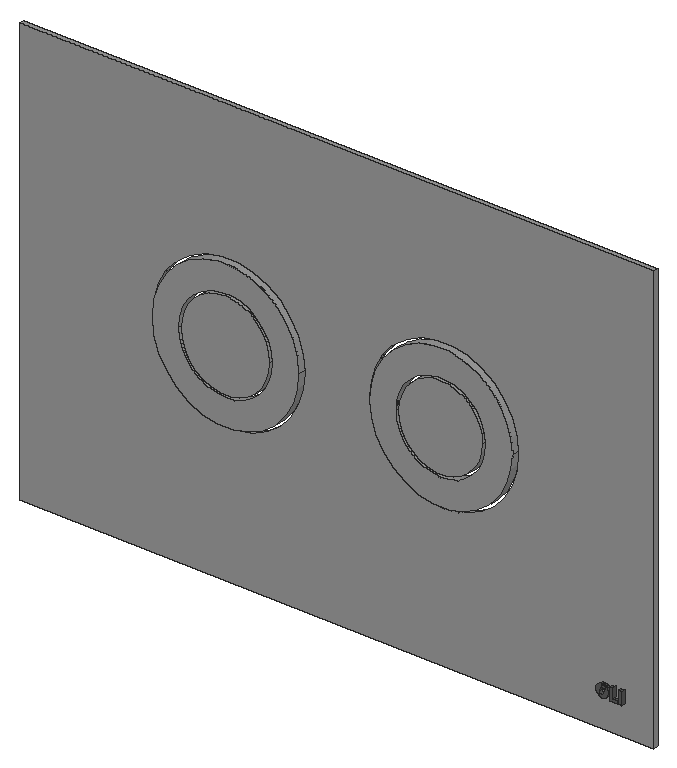
Revit family "OLI_TREND_215x145x2", category Plumbing Fixtures, Revit 2016
Family settings
  Part Type = Normal
  Round Connector Dimension = Use Diameter
  OmniClass Number = 23.45.00.00
  OmniClass Title = Sanitary, Laundry, and Cleaning Equipment
  Work Plane-Based = Yes
  Always vertical = Yes
  Cut with Voids When Loaded = No
  Shared = No
  Room Calculation Point = No
Parameters (values of type "OLI_Pneumatic_Brushed Stainless Steel")
  aux [instance] = if(FRAME_OLI, 0.0 mm, 1000.0 mm)  # 1000.0 mm
  VERTICAL = yes
  URL = "http://www.oli-world.com/en/"
  Telefone = "(+351) 234 300 200"  # constant formula
  Support email = "bimsupport@oli-world.com"
  Revision = "2.0PT"  # constant formula
  Product data url = "http://bimobject.com/pt/oli/product/656506"
  Model = CONTROL_Model  # "Trend "
  Manufacturer = CONTROL_Brand  # "OLI"
  HORIZONTAL = no
  Fax = "(+351) 234 300 210"  # constant formula
  FRAME_OLI [instance] = no
  Description = CONTROL_Brief description  # "Dictating the rules of style"
  Default Elevation = 1219.2 mm
  CONTROL_address = "Travessa de Milão, Esgueira 3800-314 Aveiro, Portugal"  # constant formula
  CONTROL_Width = 2.0 mm  # constant formula
  CONTROL_Website/webpage = "http://www.oli-world.com/en/"
  CONTROL_Vandal-proof = "yes"  # constant formula
  CONTROL_Type/function = "control plate for concealed cisterns"  # constant formula
  CONTROL_Type of flush = "Dual Flush"  # constant formula
  OLI_Material [instance] = OLI_BrushedStainlessSteel
  CONTROL_Technical description = "http://www.oli-world.com/download.php?fo=949&l=en&key=3c0370e32b2ef9b0f1f7d961d2c90ae4"
  CONTROL_Product data url = "http://www.oli-world.com/en/products/sis/control_plate/trend.html"
  CONTROL_Model code/ref = "CG24000639916"
  CONTROL_Model Series = "Brushed stainless steel"
  CONTROL_Model = "Trend "  # constant formula
  CONTROL_Material = "Stainless steel"
  CONTROL_Length = 215.0 mm  # constant formula
  CONTROL_Installation instructions = "http://www.oli-world.com/download.php?fo=1586&l=en&key=a5690fd0da05cedf93a5bb9c39fb89ac"
  CONTROL_Height = 145.0 mm  # constant formula
  CONTROL_Brief description = "Dictating the rules of style"  # constant formula
  CONTROL_Brand = "OLI"  # constant formula
  CONTROL_Actuation type = "Pneumatic"  # constant formula
  BIM object developer = "www.concepsysbim.com"
Types (2, lengths in mm): name | Product data url | OLI_Material | CONTROL_Technical description | CONTROL_Model code/ref | CONTROL_Model Series | CONTROL_Installation instructions
  OLI_Pneumatic_Polished stainless steel | "http://bimobject.com/pt/oli/product/656504" | OLI_PolishedStainlessSteel | "http://www.oli-world.com/download.php?fo=948&l=en&key=b4e4776992617991214cbad03dc6e10e" | "CG24000639914" | "Polished stainless steel" | "http://www.oli-world.com/download.php?fo=1585&l=en&key=3bffe70b8bc716f3ae386a1322109819"
  OLI_Pneumatic_Brushed Stainless Steel | "http://bimobject.com/pt/oli/product/656506" | OLI_BrushedStainlessSteel | "http://www.oli-world.com/download.php?fo=949&l=en&key=3c0370e32b2ef9b0f1f7d961d2c90ae4" | "CG24000639916" | "Brushed stainless steel" | "http://www.oli-world.com/download.php?fo=1586&l=en&key=a5690fd0da05cedf93a5bb9c39fb89ac"
Reference planes
  plane 1 "Center (Front/Back)": y = 0
  plane 2: z = 0
  plane 3 "Center (Left/Right)": x = 0
  plane 4: y = -2
  plane 5: z = 1000
Dimensions and locks
  "CONTROL_Width": plane 1 "Center (Front/Back)" to plane 4
  aligned and locked: level to plane 2
Nested families
  nested 1: "aux" at (0, 0, 0), VERTICAL <- "VERTICAL", HORIZONTAL <- "HORIZONTAL", type "MECHANICAL1"
    with aux 90.00°, VERTICAL yes, HORIZONTAL no
Definition of nested family "aux"
  Parameters
    oli = aux_1 : OLI_Pneumatic_Polished stainless steel
    aux [instance] = if(HORIZONTAL, 180.00°, 90.00°)  # 90.00°
    VERTICAL [instance] = yes
    M = none
    Height = if(FRAME_OLI, 0.0 mm, 1000.0 mm)  # 1000.0 mm
    HORIZONTAL [instance] = no
    FRAME_OLI = no
  Reference planes
    plane 1 "Center (Front/Back)": y = 0
    plane 2: z = 1000
    plane 3 "Center (Left/Right)": x = 0
    plane 4: z = 1000
  Lines and regions (mm)
    reference lines, not visible
      curve 1: line (0, 0, 1000) -> (0, -1280, 1000)
      curve 2: line (0, 0, 1000) -> (0, 0, -30.447)
      curve 3: line (0, 0, 1000) -> (0, 0, 1960)
    reference lines
      curve 4: line (0, 0, 1000) -> (0, -640, 1000)
  Dimensions and locks
    curve 3 to nested 1 = 0.0 mm
    "Height": curve 1 to level
    "Height": plane 4 to level
    locked: curve 4 to curve 3 (angle 90.00°)
    "aux": angle curve 1 to curve 3
    aligned and locked: plane 3 "Center (Left/Right)" to nested 1
    aligned and locked: plane 4 to plane 2
    aligned and locked: curve 1 to plane 4
  Automatic sketch dimensions
    curve 2 to plane 1 "Center (Front/Back)" = 0.0 mm
    curve 2 to level = 30.447 mm
  Nested families
    nested 1: "aux_1" at (0, 0, 1000), type <- "oli", OLI_Material <- "M", type "OLI_Pneumatic_Polished stainless steel"
      with OLI_Material none
  Definition of nested family "aux_1"
    Parameters
      URL = ""
      Support email = ""
      Product data url = ""
      Model = ""
      Manufacturer = ""
      Description = ""
      OLI_Material [instance] = none
      Default Elevation = 1219.2 mm
      CONTROL_Brief description = "Dictating the rules of style"  # constant formula
    Reference planes
      plane 1 "Center (Front/Back)": y = 0
      plane 2: z = 0
      plane 3 "Center (Left/Right)": x = 0
      plane 4: y = -2
      plane 5: x = 115
      plane 6: x = -100
      plane 7: z = -72.524
      plane 8: z = 0
    Forms (mm)
      Extrusion 1, solid
        sketch origin (-140.029, 5.406, -72.411) x (1, 0, 0) y (0, 0, 1)
          loop
            line (243.843, 9.84) -> (245.029, 9.84) -> (245.029, 14.109) -> (243.843, 14.109) -> (243.843, 9.84)
          loop
            line (243.607, 9.841) -> (243.607, 10.732) -> (241.941, 10.732) -> (241.941, 14.112) -> (240.756, 14.112) -> (240.756, 9.841) -> (243.607, 9.841)
          loop
            line (238.378, 14.201) -> (237.47, 11.709)
            arc (237.47, 11.709) -> (237.838, 10.807) -> (238.772, 11.086) r 0.725
            line (238.772, 11.086) -> (239.738, 13.697)
            arc (239.738, 13.697) -> (237.595, 9.995) -> (238.378, 14.201) r 2.17
        from 8 to 5.406
      Extrusion 2, solid
        sketch origin (-139.717, 5.406, -72.665) x (1, 0, 0) y (0, 0, 1)
          loop
            circle (238.559, 13.73) r 0.6
        from 8 to 5.406
      Extrusion 3, solid, material <- "OLI_Material"
        sketch origin (0, 0, 2.427) x (1, 0, 0) y (0, 0, 1)
          loop
            line (-100, 70) -> (-100, -74.951) -> (115, -74.951) -> (115, 70) -> (-100, 70)
          loop
            circle (-29, -2.5) r 25.875
          loop
            circle (44, -1.75) r 25.25
        from 0 to 1.5
      Extrusion 4, solid, material <- "OLI_Material"
        sketch origin (0, 0, 2.427) x (1, 0, 0) y (0, 0, 1)
          loop
            circle (-29, -2.5) r 15
          loop
            circle (44, -1.75) r 14.25
          loop
            circle (-29, -2.5) r 15.924
          loop
            circle (-29, -2.5) r 24.881
          loop
            circle (44, -1.75) r 15.192
          loop
            circle (44, -1.75) r 24.14
        from 0 to 3
      Extrusion 5, solid, not visible
        sketch origin (-140.029, 5.406, 927.638) x (1, 0, 0) y (0, 0, 1)
          loop
            line (243.843, 9.84) -> (245.029, 9.84) -> (245.029, 14.109) -> (243.843, 14.109) -> (243.843, 9.84)
          loop
            line (243.607, 9.841) -> (243.607, 10.732) -> (241.941, 10.732) -> (241.941, 14.112) -> (240.756, 14.112) -> (240.756, 9.841) -> (243.607, 9.841)
          loop
            line (238.378, 14.201) -> (237.47, 11.709)
            arc (237.47, 11.709) -> (237.838, 10.807) -> (238.772, 11.086) r 0.725
            line (238.772, 11.086) -> (239.738, 13.697)
            arc (239.738, 13.697) -> (237.595, 9.995) -> (238.378, 14.201) r 2.17
        from 8 to 5.406
      Extrusion 6, solid, not visible
        sketch origin (-139.717, 5.406, 927.384) x (1, 0, 0) y (0, 0, 1)
          loop
            circle (238.559, 13.73) r 0.6
        from 8 to 5.406
      Extrusion 7, solid, material <- "OLI_Material", not visible
        sketch origin (0, 0, 1002.476) x (1, 0, 0) y (0, 0, 1)
          loop
            line (-100, 70) -> (-100, -74.951) -> (115, -74.951) -> (115, 70) -> (-100, 70)
          loop
            circle (-29, -2.5) r 25.875
          loop
            circle (44, -1.75) r 25.25
        from 0 to 1.5
      Extrusion 8, solid, material <- "OLI_Material", not visible
        sketch origin (0, 0, 1002.476) x (1, 0, 0) y (0, 0, 1)
          loop
            circle (-29, -2.5) r 15
          loop
            circle (44, -1.75) r 14.25
          loop
            circle (-29, -2.5) r 15.924
          loop
            circle (-29, -2.5) r 24.881
          loop
            circle (44, -1.75) r 15.192
          loop
            circle (44, -1.75) r 24.14
        from 0 to 3
    Dimensions and locks
      plane 1 "Center (Front/Back)" to plane 4 = 2.0 mm
      plane 6 to plane 5 = 215.0 mm
      plane 8 to level = 0.0 mm
      locked: plane 8 to plane 7 at 72.524
      aligned and locked: level to plane 2
      aligned and locked: plane 7 to Extrusion 3
